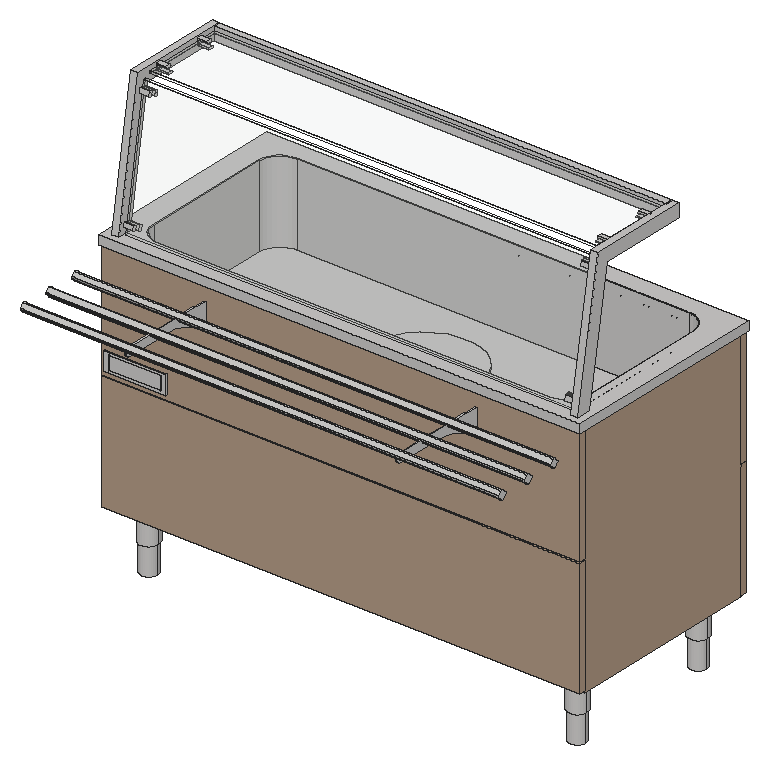
Revit family "QF_ELECTROLUXPROFESSIONAL_322095_F11C4AF01W", category Specialty Equipment, Revit 2018 (continued)
Automatic sketch dimensions
  plane 8 to Extrusion 26 sketch curve = 72.521 mm
  Extrusion 26 sketch curve to plane 3 "BACK" = 1.815 mm
  plane 16 to Extrusion 27 sketch curve = 11 mm
  plane 36 to Extrusion 27 sketch curve = 5.5 mm
  Extrusion 28 sketch curve to plane 16 = 11 mm
  plane 37 to Extrusion 28 sketch curve = 5.5 mm
  Extrusion 29 sketch curve to plane 8 = 0 mm
  Extrusion 29 sketch curve to plane 21 = 0 mm
  Extrusion 29 sketch curve to plane 9 = 7.75 mm
  plane 8 to Extrusion 29 sketch curve = 72.521 mm
  plane 3 "BACK" to Extrusion 29 sketch curve = 1.815 mm
  Extrusion 29 sketch curve to Extrusion 29 sketch curve = 10.739 mm
  curve 101 to plane 7 "LEFT" = 0 mm
  curve 13 to plane 30 = 0 mm
  curve 35 to plane 33 = 0 mm
  curve 6 to plane 34 = 0 mm
  curve 69 to plane 34 = 0 mm
  curve 17 to plane 34 = 0 mm
  curve 91 to plane 34 = 0 mm
  curve 93 to plane 34 = 0 mm
  curve 95 to plane 3 "BACK" = 0 mm
  curve 99 to plane 3 "BACK" = 0 mm
  curve 97 to plane 3 "BACK" = 0 mm
  curve 96 to plane 3 "BACK" = 0 mm
  curve 100 to plane 3 "BACK" = 0 mm
  curve 98 to plane 3 "BACK" = 0 mm
  curve 66 to plane 35 = 0 mm
  curve 5 to plane 35 = 0 mm
  curve 18 to plane 35 = 0 mm
  curve 94 to plane 35 = 0 mm
  curve 92 to plane 35 = 0 mm
  curve 21 to plane 32 = 0 mm
  curve 8 to plane 31 = 0 mm
  curve 3 to plane 3 "BACK" = 0 mm
  curve 3 to plane 6 "RIGHT" = 0 mm
  curve 102 to plane 10 = 0 mm
  curve 4 to plane 4 "FRONT" = 0 mm
  plane 36 to curve 18 = 0 mm
  curve 38 to curve 48 = 1 mm
  curve 69 to curve 69 = 1 mm
  curve 43 to plane 34 = 0 mm
  curve 73 to plane 16 = 5.5 mm
  curve 33 to plane 16 = 5.5 mm
  curve 72 to plane 16 = 3.511 mm
  curve 47 to plane 16 = 3.5 mm
  curve 30 to plane 16 = 3.5 mm
  curve 27 to plane 16 = 3.5 mm
  plane 16 to curve 44 = 2.062 mm
  plane 3 "BACK" to curve 96 = 1.815 mm
  curve 96 to plane 40 = 57.739 mm
  curve 95 to plane 9 = 7.75 mm
  curve 95 to plane 8 = 72.521 mm
  curve 98 to plane 9 = 7.75 mm
  plane 8 to curve 98 = 72.521 mm
  plane 3 "BACK" to curve 97 = 1.815 mm
  plane 41 to curve 97 = 64.739 mm
  curve 63 to plane 17 = 2.062 mm
  plane 17 to curve 25 = 3.5 mm
  plane 17 to curve 22 = 3.5 mm
  plane 17 to curve 55 = 3.5 mm
  plane 17 to curve 86 = 3.511 mm
  curve 85 to curve 84 = 1.989 mm
  curve 54 to curve 54 = 2 mm
  plane 35 to curve 60 = 0 mm
  plane 35 to curve 56 = 1 mm
  curve 94 to curve 83 = 1 mm
  curve 13 to plane 24 = 2.344 mm
  curve 10 to plane 24 = 2.344 mm
  plane 24 to curve 77 = 13.819 mm
  plane 24 to curve 88 = 13.819 mm
  curve 75 to curve 78 = 2.431 mm
  curve 86 to curve 87 = 2.431 mm
  curve 73 to curve 75 = 2.493 mm
  curve 84 to curve 86 = 2.493 mm
  curve 89 to curve 82 = 4.924 mm
  curve 74 to curve 72 = 2.431 mm
  curve 71 to curve 71 = 9.848 mm
  curve 82 to curve 80 = 9.848 mm
  plane 15 to curve 36 = 6.122 mm
  plane 15 to curve 51 = 6.122 mm
  curve 51 to curve 53 = 2.431 mm
  curve 33 to curve 35 = 2.431 mm
  curve 34 to curve 36 = 2.493 mm
  curve 52 to curve 54 = 2.493 mm
  curve 54 to curve 55 = 2.431 mm
  curve 36 to curve 47 = 2.431 mm
  curve 66 to curve 93 = 2.954 mm
  curve 93 to curve 38 = 6.894 mm
  curve 49 to curve 56 = 6.894 mm
  curve 39 to curve 48 = 1.229 mm
  curve 44 to curve 43 = 2.617 mm
  curve 62 to curve 62 = 2.617 mm
  curve 60 to curve 59 = 1.078 mm
  curve 42 to curve 41 = 1.078 mm
  curve 59 to curve 92 = 8.954 mm
  curve 91 to curve 29 = 32.796 mm
  curve 20 to curve 25 = 32.796 mm
  curve 25 to curve 25 = 14 mm
  curve 28 to curve 28 = 14 mm
  plane 1 "Centro (Fronte/Retro)" to curve 32 = 3 mm
  plane 1 "Centro (Fronte/Retro)" to curve 22 = 3 mm
  curve 22 to plane 1 "Centro (Fronte/Retro)" = 11 mm
  curve 31 to plane 1 "Centro (Fronte/Retro)" = 11 mm
  plane 36 to curve 14 = 26.023 mm
  curve 75 to curve 90 = 0.034 mm
  plane 16 to curve 45 = 0.999 mm
  curve 95 to curve 96 = 3.811 mm
  curve 96 to curve 99 = 36.189 mm
  curve 99 to plane 9 = 25.071 mm
  curve 96 to curve 99 = 10 mm
  curve 100 to plane 9 = 25.071 mm
  curve 100 to curve 97 = 10 mm
  curve 100 to curve 97 = 36.189 mm
  curve 97 to curve 98 = 3.811 mm
  curve 63 to plane 17 = 0.999 mm
  curve 81 to curve 80 = 2.431 mm
  curve 70 to curve 69 = 2.431 mm
  curve 80 to curve 79 = 4.924 mm
  curve 69 to curve 68 = 4.924 mm
  curve 16 to curve 51 = 2.23 mm
  plane 15 to curve 15 = 3.892 mm
  curve 40 to curve 39 = 2.431 mm
  curve 58 to curve 56 = 2.431 mm
  plane 36 to curve 11 = 6.023 mm
  curve 112 to curve 113 = 0 mm  (x2)
  plane 1 "Centro (Fronte/Retro)" to curve 112 = 0 mm
  curve 104 to plane 16 = 8 mm
  curve 106 to plane 40 = 19 mm
  curve 111 to plane 40 = 19 mm
  plane 8 to curve 113 = 0.5 mm
  plane 41 to curve 107 = 26 mm
  plane 41 to curve 109 = 26 mm
  plane 17 to curve 108 = 8 mm
  curve 106 to plane 15 = 32 mm
  curve 108 to plane 14 = 29 mm
  curve 112 to plane 8 = 154.5 mm
  curve 114 to curve 115 = 0 mm  (x2)
  curve 116 to curve 117 = 0 mm  (x2)
  curve 118 to curve 119 = 0 mm  (x2)
  curve 120 to curve 121 = 0 mm  (x2)
  curve 122 to curve 123 = 0 mm  (x2)
  curve 124 to curve 125 = 0 mm  (x2)
  curve 126 to curve 127 = 0 mm  (x2)
  curve 128 to curve 129 = 0 mm  (x2)
  curve 130 to curve 131 = 0 mm  (x2)
  curve 132 to curve 133 = 0 mm  (x2)
  curve 134 to curve 135 = 0 mm  (x2)
  curve 136 to curve 137 = 0 mm  (x2)
  curve 138 to curve 139 = 0 mm  (x2)
  curve 140 to curve 141 = 0 mm  (x2)
  curve 142 to curve 143 = 0 mm  (x2)
  curve 144 to curve 145 = 0 mm  (x2)
  curve 146 to curve 147 = 0 mm  (x2)
  curve 148 to curve 149 = 0 mm  (x2)
  curve 150 to curve 151 = 0 mm  (x2)
  curve 152 to curve 153 = 0 mm  (x2)
  curve 154 to curve 155 = 0 mm  (x2)
  curve 156 to curve 157 = 0 mm  (x2)
  curve 158 to curve 159 = 0 mm  (x2)
  curve 160 to curve 161 = 0 mm  (x2)
  curve 162 to curve 163 = 0 mm  (x2)
  curve 164 to curve 165 = 0 mm  (x2)
  curve 166 to curve 167 = 0 mm  (x2)
  curve 168 to curve 169 = 0 mm  (x2)
  curve 170 to curve 171 = 0 mm  (x2)
  curve 172 to curve 173 = 0 mm  (x2)
  curve 174 to curve 175 = 0 mm  (x2)
  curve 176 to curve 177 = 0 mm  (x2)
  curve 178 to curve 179 = 0 mm  (x2)
  curve 180 to curve 181 = 0 mm  (x2)
  curve 182 to curve 183 = 0 mm  (x2)
  curve 184 to curve 185 = 0 mm  (x2)
  curve 186 to curve 187 = 0 mm  (x2)
  curve 188 to curve 189 = 0 mm  (x2)
  curve 190 to curve 191 = 0 mm  (x2)
  curve 192 to curve 193 = 0 mm  (x2)
  curve 194 to curve 195 = 0 mm  (x2)
  curve 196 to curve 197 = 0 mm  (x2)
  curve 198 to curve 199 = 0 mm  (x2)
  curve 200 to curve 201 = 0 mm  (x2)
  curve 202 to curve 203 = 0 mm  (x2)
  curve 204 to curve 205 = 0 mm  (x2)
  curve 206 to curve 207 = 0 mm  (x2)
  curve 208 to curve 209 = 0 mm  (x2)
  curve 210 to curve 211 = 0 mm  (x2)
  curve 212 to curve 213 = 0 mm  (x2)
  curve 214 to curve 215 = 0 mm  (x2)
  curve 216 to curve 217 = 0 mm  (x2)
  curve 218 to curve 219 = 0 mm  (x2)
  curve 220 to curve 221 = 0 mm  (x2)
  curve 222 to curve 223 = 0 mm  (x2)
  curve 224 to curve 225 = 0 mm  (x2)
  curve 226 to curve 227 = 0 mm  (x2)
  curve 228 to curve 229 = 0 mm  (x2)
  curve 230 to curve 231 = 0 mm  (x2)
  curve 232 to curve 233 = 0 mm  (x2)
  curve 234 to curve 235 = 0 mm  (x2)
  curve 236 to curve 237 = 0 mm  (x2)
  curve 238 to curve 239 = 0 mm  (x2)
  curve 240 to curve 241 = 0 mm  (x2)
  curve 242 to curve 243 = 0 mm  (x2)
  curve 244 to curve 245 = 0 mm  (x2)
  curve 246 to curve 247 = 0 mm  (x2)
  curve 248 to curve 249 = 0 mm  (x2)
  curve 250 to curve 251 = 0 mm  (x2)
  plane 1 "Centro (Fronte/Retro)" to curve 223 = 0 mm
  plane 1 "Centro (Fronte/Retro)" to curve 221 = 0 mm
  plane 1 "Centro (Fronte/Retro)" to curve 219 = 0 mm
  plane 1 "Centro (Fronte/Retro)" to curve 114 = 0 mm
  curve 253 to plane 8 = 0 mm
  plane 1 "Centro (Fronte/Retro)" to curve 150 = 0 mm
  plane 1 "Centro (Fronte/Retro)" to curve 152 = 0 mm
  plane 1 "Centro (Fronte/Retro)" to curve 155 = 0 mm
  plane 8 to curve 195 = 7.547 mm
  plane 8 to curve 229 = 7.547 mm
  curve 226 to plane 39 = 1.555 mm
  plane 8 to curve 226 = 10.314 mm
  plane 38 to curve 193 = 1.555 mm
  plane 8 to curve 193 = 10.314 mm
  curve 191 to plane 37 = 3.821 mm
  plane 8 to curve 191 = 14.023 mm
  plane 36 to curve 225 = 3.821 mm
  plane 8 to curve 225 = 14.023 mm
  curve 230 to curve 228 = 6.488 mm
  curve 196 to curve 194 = 6.488 mm
  curve 217 to curve 196 = 4.335 mm
  curve 251 to curve 230 = 4.335 mm
  curve 219 to curve 216 = 1.522 mm
  plane 38 to curve 200 = 4.966 mm
  curve 200 to curve 192 = 9.668 mm
  curve 234 to plane 39 = 4.966 mm
  curve 234 to curve 226 = 9.668 mm
  curve 237 to plane 36 = 0.547 mm
  curve 237 to curve 224 = 13.754 mm
  plane 37 to curve 202 = 0.547 mm
  curve 202 to curve 190 = 13.754 mm
  curve 199 to curve 200 = 8.196 mm
  curve 232 to curve 234 = 8.196 mm
  curve 248 to curve 232 = 8.25 mm
  curve 214 to curve 198 = 8.25 mm
  curve 211 to plane 38 = 4.105 mm
  curve 211 to curve 202 = 10.401 mm
  plane 39 to curve 244 = 4.105 mm
  curve 244 to curve 236 = 10.401 mm
  curve 247 to curve 248 = 3.411 mm
  curve 213 to curve 214 = 3.411 mm
  curve 220 to curve 212 = 0.055 mm
  curve 243 to plane 39 = 3.706 mm
  curve 243 to curve 244 = 9.168 mm
  plane 38 to curve 209 = 3.706 mm
  curve 209 to curve 210 = 9.168 mm
  curve 206 to curve 208 = 7.5 mm
  curve 240 to curve 242 = 7.5 mm
  curve 204 to curve 206 = 4.368 mm
  curve 239 to curve 240 = 4.368 mm
  curve 222 to curve 204 = 0.679 mm
  curve 120 to plane 8 = 0.106 mm
  curve 189 to plane 8 = 0.106 mm
  curve 117 to plane 8 = 0.106 mm
  curve 119 to plane 8 = 0.106 mm
  curve 184 to plane 8 = 0.106 mm
  curve 115 to plane 8 = 0.106 mm
  curve 187 to plane 8 = 0.106 mm
  curve 127 to plane 8 = 7.76 mm
  curve 160 to plane 8 = 7.76 mm
  plane 38 to curve 125 = 1.555 mm
  curve 118 to curve 125 = 10.42 mm
  curve 158 to plane 39 = 1.555 mm
  curve 186 to curve 158 = 10.42 mm
  plane 36 to curve 157 = 3.821 mm
  curve 188 to curve 157 = 14.129 mm
  curve 123 to plane 37 = 3.821 mm
  curve 120 to curve 123 = 14.129 mm
  curve 126 to curve 129 = 6.488 mm
  curve 160 to curve 163 = 6.488 mm
  curve 162 to curve 183 = 4.335 mm
  curve 128 to curve 149 = 4.335 mm
  curve 182 to curve 151 = 1.522 mm
  curve 167 to plane 39 = 4.966 mm
  curve 158 to curve 167 = 9.668 mm
  plane 38 to curve 132 = 4.966 mm
  curve 124 to curve 132 = 9.668 mm
  plane 37 to curve 135 = 0.547 mm
  curve 122 to curve 135 = 13.754 mm
  curve 168 to plane 36 = 0.547 mm
  curve 156 to curve 168 = 13.754 mm
  curve 166 to curve 165 = 8.196 mm
  curve 132 to curve 131 = 8.196 mm
  curve 164 to curve 180 = 8.25 mm
  curve 130 to curve 146 = 8.25 mm
  curve 142 to plane 38 = 4.105 mm
  curve 134 to curve 142 = 10.401 mm
  plane 39 to curve 177 = 4.105 mm
  curve 168 to curve 177 = 10.401 mm
  curve 146 to curve 145 = 3.411 mm
  curve 180 to curve 179 = 3.411 mm
  curve 178 to curve 152 = 0.055 mm
  plane 38 to curve 140 = 3.706 mm
  curve 142 to curve 140 = 9.168 mm
  curve 174 to plane 39 = 3.706 mm
  curve 176 to curve 174 = 9.168 mm
  curve 140 to curve 139 = 7.5 mm
  curve 174 to curve 172 = 7.5 mm
  curve 138 to curve 137 = 4.368 mm
  curve 172 to curve 171 = 4.368 mm
  curve 170 to curve 155 = 0.679 mm
  plane 36 to curve 189 = 4.5 mm
  curve 187 to plane 39 = 1.5 mm
  curve 234 to curve 233 = 8.25 mm
  curve 166 to curve 165 = 8.25 mm
  curve 174 to curve 172 = 9.91 mm
  curve 243 to curve 241 = 9.91 mm
  curve 164 to curve 180 = 8.196 mm
  curve 232 to curve 249 = 8.196 mm
  curve 184 to curve 114 = 20 mm
  curve 184 to curve 161 = 1.522 mm
  curve 185 to curve 229 = 1.522 mm
  curve 228 to curve 231 = 4.335 mm
  curve 160 to curve 162 = 4.335 mm
  curve 240 to curve 238 = 13.754 mm
  curve 172 to curve 171 = 13.754 mm
  curve 180 to curve 179 = 9.668 mm
  curve 249 to curve 246 = 9.668 mm
  curve 162 to curve 182 = 6.488 mm
  curve 230 to curve 250 = 6.488 mm
  plane 1 "Centro (Fronte/Retro)" to curve 216 = 7.654 mm
  plane 1 "Centro (Fronte/Retro)" to curve 148 = 7.654 mm
  plane 1 "Centro (Fronte/Retro)" to curve 212 = 10.42 mm
  plane 1 "Centro (Fronte/Retro)" to curve 145 = 10.42 mm
  plane 1 "Centro (Fronte/Retro)" to curve 204 = 14.129 mm
  plane 1 "Centro (Fronte/Retro)" to curve 136 = 14.129 mm
  curve 148 to curve 129 = 6.488 mm
  curve 216 to curve 197 = 6.488 mm
  curve 128 to curve 127 = 4.335 mm
  curve 196 to curve 194 = 4.335 mm
  curve 195 to curve 117 = 1.522 mm
  curve 144 to curve 146 = 9.668 mm
  curve 213 to curve 214 = 9.668 mm
  curve 139 to curve 140 = 9.91 mm
  curve 206 to curve 208 = 9.91 mm
  curve 146 to curve 131 = 8.196 mm
  curve 215 to curve 199 = 8.196 mm
  plane 38 to curve 118 = 1.5 mm
  curve 121 to plane 37 = 4.5 mm
  plane 8 to curve 188 = 2.894 mm
  plane 8 to curve 117 = 2.894 mm
  plane 8 to curve 119 = 2.894 mm
  plane 8 to curve 120 = 2.894 mm
  plane 8 to curve 185 = 2.894 mm
  plane 8 to curve 115 = 2.894 mm
  plane 8 to curve 186 = 2.894 mm
  curve 194 to curve 117 = 1.654 mm
  curve 229 to curve 185 = 1.654 mm
  curve 226 to curve 226 = 3 mm
  curve 192 to curve 192 = 3 mm
  curve 224 to curve 225 = 3 mm
  curve 190 to curve 190 = 3 mm
  curve 230 to curve 231 = 3 mm
  curve 196 to curve 196 = 3 mm
  curve 216 to curve 216 = 3 mm
  curve 250 to curve 250 = 3 mm
  curve 218 to curve 219 = 3 mm
  curve 234 to curve 234 = 3 mm
  curve 200 to curve 200 = 3 mm
  curve 202 to curve 202 = 3 mm
  curve 236 to curve 237 = 3 mm
  curve 198 to curve 199 = 3 mm
  curve 232 to curve 232 = 3 mm
  curve 248 to curve 249 = 3 mm
  curve 214 to curve 214 = 3 mm
  curve 244 to curve 245 = 3 mm
  curve 210 to curve 210 = 3 mm
  curve 246 to curve 246 = 3 mm
  curve 212 to curve 213 = 3 mm
  curve 220 to curve 220 = 3 mm
  curve 208 to curve 208 = 3 mm
  curve 242 to curve 242 = 3 mm
  curve 240 to curve 241 = 3 mm
  curve 206 to curve 207 = 3 mm
  curve 204 to curve 204 = 3 mm
  curve 238 to curve 239 = 3 mm
  curve 222 to curve 223 = 3 mm
  curve 254 to plane 15 = 32 mm
  curve 254 to plane 28 = 82 mm
  curve 184 to curve 161 = 1.654 mm
  curve 116 to curve 126 = 1.654 mm
  curve 124 to curve 124 = 3 mm
  curve 158 to curve 158 = 3 mm
  curve 123 to curve 122 = 3 mm
  curve 156 to curve 156 = 3 mm
  curve 162 to curve 162 = 3 mm
  curve 129 to curve 128 = 3 mm
  curve 182 to curve 182 = 3 mm
  curve 149 to curve 148 = 3 mm
  curve 150 to curve 150 = 3 mm
  curve 132 to curve 132 = 3 mm
  curve 166 to curve 166 = 3 mm
  curve 134 to curve 134 = 3 mm
  curve 168 to curve 168 = 3 mm
  curve 164 to curve 164 = 3 mm
  curve 131 to curve 130 = 3 mm
  curve 146 to curve 146 = 3 mm
  curve 181 to curve 180 = 3 mm
  curve 176 to curve 176 = 3 mm
  curve 143 to curve 142 = 3 mm
  curve 144 to curve 144 = 3 mm
  curve 179 to curve 178 = 3 mm
  curve 152 to curve 152 = 3 mm
  curve 174 to curve 174 = 3 mm
  curve 140 to curve 140 = 3 mm
  curve 173 to curve 172 = 3 mm
  curve 138 to curve 138 = 3 mm
  curve 170 to curve 170 = 3 mm
  curve 137 to curve 136 = 3 mm
  curve 155 to curve 154 = 3 mm
  curve 252 to plane 15 = 32 mm
  plane 29 to curve 252 = 82 mm
  plane 14 to curve 252 = 32 mm
  plane 14 to curve 254 = 32 mm
  plane 14 to curve 253 = 32 mm
  curve 253 to plane 15 = 32 mm
  radius of Extrusion 27 sketch curve = 10 mm
  radius of Extrusion 28 sketch curve = 10 mm
Nested families
  nested 1: "Foot_Ø50_H150" at (-1146.269, -148.263, 0), type "Foot_Ø50_H150"
  nested 2: "Foot_Ø50_H150" at (117.731, -148.263, 0), type "Foot_Ø50_H150"
  nested 3: "Foot_Ø50_H150" at (117.731, 297.737, 0), type "Foot_Ø50_H150"
  nested 4: "Foot_Ø50_H150" at (-1146.269, 297.737, 0), type "Foot_Ø50_H150"
  nested 5: "Cold Well Static w. Fan1420" at (0, 0, 0), type "Cold Well Static w. Fan1420"
    with Show Clearance yes
  nested 6: "Refrigerator" at (15.731, -45.263, 0), type "Refrigerator"
  nested 7: "Controller_compact" at (-1118.019, -231.263, 572.8) x (-1, 0, 0) z (0, -1, 0), type "Controller_compact"
Connectors
  piping at (-1157.269, 124.737, 166), diameter 20
    settings: on Extrusion 27, index 8, connector inside diameter 609.6 mm, connector length 0 mm, flow factor 0, pipe flow 0.0 L/s, pressure drop 0.0 Pa, fitting loss kfactor 0, connector angle 0.00°, fixture units 0, engagement length 0 mm, angle of deflection 0.00°, flow configuration 1, flow direction 2, fitting loss method 0, system type 16, joint type 0, gender type 0, connector reference index -1, connector utility 0, adjustable connector no, is connector primary yes, connector description ""
  electrical at (-1157.269, 24.737, 166)
    settings: on Extrusion 28, index 10, voltage 0 V, apparent load 0 VA, apparent load phase1 0 VA, apparent load phase2 0 VA, apparent load phase3 0 VA, power factor 1, load classification "Other", number of poles 1, system type 31, power factor state 1, is connector primary yes, connector utility no, sub classification motor no, connector description ""
Definition of nested family "Foot_Ø50_H150"
  Reference planes
    plane 1 "Centro (Fronte/Retro)": y = 0
    plane 2: z = 0
    plane 3 "Centro (Sinistra/Destra)": x = 0
    plane 4: z = 178
  Forms (mm)
    Revolve 1, solid
      sketch origin (255.05, 0, 608.09) x (0, 0, 1) y (-1, 0, 0)
        loop
          line (-608.09, 255.05) -> (-608.09, 230.05) -> (-526.09, 230.05) -> (-526.09, 226.05) -> (-430.09, 226.05) -> (-430.09, 255.05) -> (-608.09, 255.05)
        axis (-608.09, 255.05) -> (-430.09, 255.05)
      angle from 0 to 360
  Dimensions and locks
    Revolve 1 sketch curve to Revolve 1 sketch curve = 96 mm
    aligned and locked: level to plane 2
    aligned and locked: plane 4 to Revolve 1 sketch curve
    aligned and locked: Revolve 1 sketch curve to level
    aligned and locked: plane 3 "Centro (Sinistra/Destra)" to Revolve 1 sketch curve
Definition of nested family "Cold Well Static w. Fan1420"
  Parameters (values of type "Cold Well Static w. Fan1420")
    Show Clearance [instance] = yes
  Reference planes
    plane 1 "Centro (Fronte/Retro)": y = 74.737
    plane 2: z = 0
    plane 3 "BACK": y = 384.737
    plane 4 "FRONT": y = -235.263
    plane 5 "RIGHT": x = 195.731
    plane 6 "LEFT": x = -1224.269
    plane 7: x = -514.269
    plane 8 "TOP": z = 900
    plane 9: y = 352.737
    plane 10: y = -203.263
    plane 11: x = 148.531
    plane 12: x = -1177.069
    plane 13: y = 329.737
    plane 14: y = -180.263
    plane 15: x = -1154.269
    plane 16: x = 125.731
    plane 17: z = 898
    plane 18: z = 656
    plane 19: z = 659
    plane 20: z = 624.1
    plane 21: x = -346.269
    plane 22: y = 188.737
    plane 23: y = -39.263
    plane 24: x = -650.269
    plane 25: z = 263
    plane 26: x = -1099.269
    plane 27: x = -649.269
    plane 28: x = -1087.269
    plane 29: x = -661.269
    plane 30: y = -165.263
    plane 31: y = 314.737
    plane 32 "1": y = 254.737
  Forms (mm)
    Extrusion 1, solid
      sketch origin (0, 0, 900) x (-1, 0, 0) y (0, -1, 0)
        loop
          line (-148.531, -352.737) -> (1177.069, -352.737) -> (1177.069, 203.263) -> (-148.531, 203.263) -> (-148.531, -352.737)
      from -2 to -244
    Extrusion 2, void
      sketch origin (0, 0, 900) x (-1, 0, 0) y (0, -1, 0)
        loop
          line (1154.269, -268.737) -> (1154.269, 119.263)
          arc (1154.269, 119.263) -> (1136.402, 162.396) -> (1093.269, 180.263) r 61
          line (1093.269, 180.263) -> (-64.731, 180.263)
          arc (-64.731, 180.263) -> (-107.865, 162.396) -> (-125.731, 119.263) r 61
          line (-125.731, 119.263) -> (-125.731, -268.737)
          arc (-125.731, -268.737) -> (-107.865, -311.871) -> (-64.731, -329.737) r 61
          line (-64.731, -329.737) -> (1093.269, -329.737)
          arc (1093.269, -329.737) -> (1136.402, -311.871) -> (1154.269, -268.737) r 61
      from 0 to -241
    Extrusion 3, solid
      sketch origin (0, 0, 900) x (-1, 0, 0) y (0, -1, 0)
        loop
          line (650.269, -188.737) -> (650.269, 39.263) -> (346.269, 39.263) -> (346.269, -188.737) -> (650.269, -188.737)
      from -244 to -275.9
    Extrusion 4, solid
      sketch origin (0, 0, 900) x (-1, 0, 0) y (0, -1, 0)
        loop
          circle (513.769, -74.737) r 155
        loop
          circle (514.375, -74.737) r 3
        loop
          circle (534.375, -74.737) r 3
        loop
          circle (554.375, -74.737) r 3
        loop
          circle (574.375, -74.737) r 3
        loop
          circle (514.375, -54.737) r 3
        loop
          circle (514.375, -34.737) r 3
        loop
          circle (514.375, -14.737) r 3
        loop
          circle (528.517, -60.595) r 3
        loop
          circle (542.659, -46.453) r 3
        loop
          circle (552.659, -29.132) r 3
        loop
          circle (522.029, -56.259) r 3
        loop
          circle (532.852, -67.083) r 3
        loop
          circle (524.795, -34.792) r 3
        loop
          circle (528.504, -15.416) r 3
        loop
          circle (534.463, -38.203) r 3
        loop
          circle (542.258, -19.785) r 3
        loop
          circle (554.32, -64.317) r 3
        loop
          circle (573.696, -60.608) r 3
        loop
          circle (550.909, -54.649) r 3
        loop
          circle (569.327, -46.854) r 3
        loop
          circle (561.827, -36.943) r 3
        loop
          circle (528.517, -88.879) r 3
        loop
          circle (542.659, -103.021) r 3
        loop
          circle (552.659, -120.342) r 3
        loop
          circle (522.029, -93.215) r 3
        loop
          circle (532.852, -82.391) r 3
        loop
          circle (524.795, -114.682) r 3
        loop
          circle (528.504, -134.058) r 3
        loop
          circle (534.463, -111.271) r 3
        loop
          circle (542.258, -129.69) r 3
        loop
          circle (554.32, -85.157) r 3
        loop
          circle (573.696, -88.866) r 3
        loop
          circle (550.909, -94.825) r 3
        loop
          circle (569.327, -102.621) r 3
        loop
          circle (561.827, -112.531) r 3
        loop
          circle (514.375, -94.737) r 3
        loop
          circle (514.375, -114.737) r 3
        loop
          circle (514.375, -134.737) r 3
        loop
          circle (494.375, -74.737) r 3
        loop
          circle (474.375, -74.737) r 3
        loop
          circle (454.375, -74.737) r 3
        loop
          circle (500.233, -60.595) r 3
        loop
          circle (486.091, -46.453) r 3
        loop
          circle (476.091, -29.132) r 3
        loop
          circle (506.721, -56.259) r 3
        loop
          circle (495.897, -67.083) r 3
        loop
          circle (503.955, -34.792) r 3
        loop
          circle (500.246, -15.416) r 3
        loop
          circle (494.287, -38.203) r 3
        loop
          circle (486.491, -19.785) r 3
        loop
          circle (474.43, -64.317) r 3
        loop
          circle (455.054, -60.608) r 3
        loop
          circle (477.841, -54.649) r 3
        loop
          circle (459.422, -46.854) r 3
        loop
          circle (466.922, -36.943) r 3
        loop
          circle (500.233, -88.879) r 3
        loop
          circle (486.091, -103.021) r 3
        loop
          circle (476.091, -120.342) r 3
        loop
          circle (506.721, -93.215) r 3
        loop
          circle (495.897, -82.391) r 3
        loop
          circle (503.955, -114.682) r 3
        loop
          circle (500.246, -134.058) r 3
        loop
          circle (494.287, -111.271) r 3
        loop
          circle (486.491, -129.69) r 3
        loop
          circle (474.43, -85.157) r 3
        loop
          circle (455.054, -88.866) r 3
        loop
          circle (477.841, -94.825) r 3
        loop
          circle (459.422, -102.621) r 3
        loop
          circle (466.922, -112.531) r 3
      from -233.523 to -230.523
  Cuts and joins
    Extrusion 2 cuts Extrusion 1
  Lines and regions (mm)
    symbolic lines
      curve 1: line (185.731, 384.737, 900) -> (-1214.269, 384.737, 900)
      curve 2: arc (-1214.269, 384.737, 900) -> (-1221.34, 381.808, 900) -> (-1224.269, 374.737, 900) r 10
      curve 3: line (-1224.269, 374.737, 900) -> (-1224.269, -225.263, 900)
      curve 4: arc (-1224.269, -225.263, 900) -> (-1221.34, -232.334, 900) -> (-1214.269, -235.263, 900) r 10
      curve 5: line (-1214.269, -235.263, 900) -> (185.731, -235.263, 900)
      curve 6: arc (185.731, -235.263, 900) -> (192.802, -232.334, 900) -> (195.731, -225.263, 900) r 10
      curve 7: line (195.731, -225.263, 900) -> (195.731, 374.737, 900)
      curve 8: arc (195.731, 374.737, 900) -> (192.802, 381.808, 900) -> (185.731, 384.737, 900) r 10
  Dimensions and locks
    plane 6 "LEFT" to plane 5 "RIGHT" = 1420 mm
    equal spacing: plane 3 "BACK", plane 1 "Centro (Fronte/Retro)", plane 4 "FRONT"
    plane 3 "BACK" to plane 4 "FRONT" = 620 mm
    equal spacing: plane 6 "LEFT", plane 7, plane 5 "RIGHT"
    locked: plane 8 "TOP" to plane 2 at 900
    locked: plane 6 "LEFT" to plane 12 at 47.2
    locked: plane 11 to plane 5 "RIGHT" at 47.2
    locked: plane 3 "BACK" to plane 9 at 32
    locked: plane 10 to plane 4 "FRONT" at 32
    locked: plane 3 "BACK" to plane 13 at 55
    locked: plane 14 to plane 4 "FRONT" at 55
    locked: plane 6 "LEFT" to plane 15 at 70
    locked: plane 16 to plane 5 "RIGHT" at 70
    locked: plane 8 "TOP" to plane 17 at 2
    plane 8 "TOP" to plane 18 = 244 mm
    locked: plane 19 to plane 18 at 3
    locked: plane 8 "TOP" to plane 20 at 275.9
    plane 21 to plane 11 = 494.8 mm
    locked: plane 9 to plane 22 at 164
    locked: plane 23 to plane 10 at 164
    plane 12 to plane 24 = 526.8 mm
    plane 8 "TOP" to plane 25 = 637 mm
    plane 27 to plane 26 = 450 mm
    locked: plane 28 to plane 26 at 12
    locked: plane 27 to plane 29 at 12
    plane 30 to plane 31 = 480 mm
    equal spacing: plane 30, plane 1 "Centro (Fronte/Retro)", plane 31
    plane 18 to plane 25 = 393 mm
    plane 5 "RIGHT" to plane 27 = 845 mm
    plane 15 to plane 16 = 1280 mm  (x2)
    plane 13 to plane 14 = 510 mm
    plane 8 "TOP" to plane 20 = 275.9 mm
    plane 26 to plane 6 "LEFT" = 125 mm
    cut or joined group of Extrusion 1, Extrusion 2 to cut or joined group of Extrusion 1, Extrusion 2 = 510 mm
    aligned and locked: level to plane 2
    aligned and locked: Extrusion 1 sketch curve to plane 9
    aligned and locked: plane 11 to Extrusion 1 sketch curve
    aligned and locked: Extrusion 1 sketch curve to plane 10
    aligned and locked: Extrusion 1 sketch curve to plane 12
    aligned and locked: Extrusion 1 to plane 18
    aligned and locked: Extrusion 2 to plane 19
    aligned and locked: Extrusion 3 sketch curve to plane 22
    aligned and locked: plane 23 to Extrusion 3 sketch curve
    aligned and locked: Extrusion 3 sketch curve to plane 21
    aligned and locked: Extrusion 3 to plane 20
    aligned and locked: plane 18 to Extrusion 3
    aligned and locked: Extrusion 3 to plane 24
  Automatic sketch dimensions
    Extrusion 2 sketch curve to plane 13 = 61 mm
    Extrusion 2 sketch curve to plane 16 = 61 mm
    plane 14 to Extrusion 2 sketch curve = 61 mm
    plane 15 to Extrusion 2 sketch curve = 61 mm
    plane 1 "Centro (Fronte/Retro)" to Extrusion 4 sketch curve = 0 mm  (x8)
    Extrusion 4 sketch curve to Extrusion 4 sketch curve = 1.522 mm  (x5)
    Extrusion 4 sketch curve to Extrusion 4 sketch curve = 4.335 mm  (x8)
    plane 7 to Extrusion 4 sketch curve = 14.023 mm  (x2)
    plane 7 to Extrusion 4 sketch curve = 10.314 mm  (x2)
    plane 7 to Extrusion 4 sketch curve = 7.547 mm  (x2)
    Extrusion 4 sketch curve to plane 7 = 0.106 mm  (x7)
    Extrusion 4 sketch curve to Extrusion 4 sketch curve = 6.488 mm  (x6)
    Extrusion 4 sketch curve to plane 1 "Centro (Fronte/Retro)" = 7.654 mm  (x2)
    plane 1 "Centro (Fronte/Retro)" to Extrusion 4 sketch curve = 7.654 mm  (x2)
    plane 15 to Extrusion 3 sketch curve = 504 mm
    plane 7 to Extrusion 4 sketch curve = 0.5 mm
    Extrusion 4 sketch curve to plane 7 = 7.76 mm  (x2)
    Extrusion 4 sketch curve to Extrusion 4 sketch curve = 19.394 mm
    Extrusion 4 sketch curve to Extrusion 4 sketch curve = 10.42 mm  (x2)
    Extrusion 4 sketch curve to Extrusion 4 sketch curve = 9.668 mm  (x8)
    Extrusion 4 sketch curve to Extrusion 4 sketch curve = 8.196 mm  (x6)
    Extrusion 4 sketch curve to Extrusion 4 sketch curve = 8.25 mm  (x8)
    Extrusion 4 sketch curve to Extrusion 4 sketch curve = 3.411 mm  (x8)
    Extrusion 4 sketch curve to Extrusion 4 sketch curve = 0.055 mm  (x5)
    Extrusion 4 sketch curve to Extrusion 4 sketch curve = 14.142 mm  (x2)
    plane 1 "Centro (Fronte/Retro)" to Extrusion 4 sketch curve = 10.42 mm  (x2)
    Extrusion 4 sketch curve to Extrusion 4 sketch curve = 20 mm
    Extrusion 4 sketch curve to Extrusion 4 sketch curve = 0.679 mm  (x7)
    Extrusion 4 sketch curve to Extrusion 4 sketch curve = 17.321 mm  (x2)
    Extrusion 4 sketch curve to Extrusion 4 sketch curve = 9.348 mm  (x4)
    Extrusion 4 sketch curve to Extrusion 4 sketch curve = 9.91 mm  (x4)
    Extrusion 4 sketch curve to Extrusion 4 sketch curve = 7.811 mm  (x4)
    Extrusion 4 sketch curve to Extrusion 4 sketch curve = 10.918 mm  (x2)
    Extrusion 4 sketch curve to Extrusion 4 sketch curve = 7.5 mm  (x4)
    Extrusion 4 sketch curve to Extrusion 4 sketch curve = 4.368 mm  (x5)
    Extrusion 4 sketch curve to Extrusion 4 sketch curve = 9.168 mm  (x4)
    Extrusion 4 sketch curve to Extrusion 4 sketch curve = 10.401 mm  (x4)
    Extrusion 4 sketch curve to Extrusion 4 sketch curve = 14.129 mm  (x2)
    Extrusion 4 sketch curve to Extrusion 4 sketch curve = 13.754 mm  (x4)
    Extrusion 4 sketch curve to plane 1 "Centro (Fronte/Retro)" = 14.129 mm  (x2)
    plane 1 "Centro (Fronte/Retro)" to Extrusion 4 sketch curve = 14.129 mm  (x2)
    curve 6 to plane 5 "RIGHT" = 0 mm
    curve 1 to plane 3 "BACK" = 0 mm
    curve 6 to plane 4 "FRONT" = 0 mm
    curve 3 to plane 6 "LEFT" = 0 mm
    curve 1 to plane 5 "RIGHT" = 10 mm
    plane 4 "FRONT" to curve 6 = 10 mm
    curve 2 to curve 2 = 10 mm
    plane 4 "FRONT" to curve 4 = 10 mm
    Extrusion 2 sketch curve to plane 16 = 0 mm
    plane 14 to Extrusion 2 sketch curve = 0 mm
    Extrusion 2 sketch curve to plane 13 = 0 mm
    Extrusion 2 sketch curve to plane 15 = 0 mm
    radius of Extrusion 4 sketch curve = 155 mm
    radius of Extrusion 4 sketch curve = 3 mm  (x69)
Definition of nested family "Controller_compact"
  Parameters
    Default Elevation = 1219.2 mm
  Reference planes
    plane 1 "Center (Front/Back)": y = 0
    plane 2: z = 0
    plane 3 "Center (Left/Right)": x = 0
    plane 4: x = -76
    plane 5: x = 76
    plane 6: y = -21
    plane 7: y = 21
    plane 8: x = -92.25
    plane 9: x = 92.25
    plane 10: y = -27.2
    plane 11: y = 27.2
  Forms (mm)
    Extrusion 1, solid
      sketch origin (0, 0, 0) x (1, 0, 0) y (0, 1, 0)
        loop
          line (-1219.2, 1219.2) -> (-1219.2, -1219.2) -> (1219.2, -1219.2) -> (1219.2, 1219.2) -> (-1219.2, 1219.2)
      from 0 to -304.8
    Extrusion 2, solid
      sketch origin (0, 0, 0) x (1, 0, 0) y (0, 1, 0)
        loop
          line (-76, 21) -> (-76, -21) -> (76, -21) -> (76, 21) -> (-76, 21)
      from 0 to 5
    Extrusion 3, solid
      sketch origin (0, 0, 0) x (1, 0, 0) y (0, 1, 0)
        loop
          line (-92.25, 27.2) -> (-92.25, -27.2) -> (92.25, -27.2) -> (92.25, 27.2) -> (-92.25, 27.2)
        loop
          line (-76, 21) -> (-76, -21) -> (76, -21) -> (76, 21) -> (-76, 21)
      from 0 to 5
  Lines and regions (mm)
    Split face 1
      outline origin (-14, 0, 5) x (1, 0, 0) y (0, 1, 0)
        loop
          line (-36, 10) -> (-36, -10) -> (-16, -10) -> (-16, 10) -> (-36, 10)
    Split face 2
      outline origin (26, 0, 5) x (1, 0, 0) y (0, 1, 0)
        loop
          line (-36, 10) -> (-36, -10) -> (-16, -10) -> (-16, 10) -> (-36, 10)
    Split face 3
      outline origin (98.5, 0, 5) x (1, 0, 0) y (0, 1, 0)
        loop
          line (-68.5, 10) -> (-68.5, -10) -> (-48.5, -10) -> (-48.5, 10) -> (-68.5, 10)
  Dimensions and locks
    equal spacing: plane 4, plane 3 "Center (Left/Right)", plane 5
    equal spacing: plane 7, plane 1 "Center (Front/Back)", plane 6
    plane 7 to plane 6 = 42 mm
    plane 4 to plane 5 = 152 mm
    equal spacing: plane 8, plane 3 "Center (Left/Right)", plane 9
    plane 8 to plane 9 = 184.5 mm
    equal spacing: plane 11, plane 1 "Center (Front/Back)", plane 10
    plane 11 to plane 10 = 54.4 mm
    aligned and locked: plane 2 to Extrusion 1
    aligned and locked: level to Extrusion 1
    aligned and locked: Extrusion 2 sketch curve to plane 7
    aligned and locked: plane 4 to Extrusion 2 sketch curve
    aligned and locked: plane 6 to Extrusion 2 sketch curve
    aligned and locked: Extrusion 2 sketch curve to plane 5
    aligned and locked: Extrusion 3 sketch curve to plane 11
    aligned and locked: plane 8 to Extrusion 3 sketch curve
    aligned and locked: plane 10 to Extrusion 3 sketch curve
    aligned and locked: Extrusion 3 sketch curve to plane 9
    aligned and locked: Extrusion 3 sketch curve to Extrusion 2  (x4)
    aligned and locked: Extrusion 3 to Extrusion 2
  Automatic sketch dimensions
    Extrusion 1 sketch curve to Extrusion 1 sketch curve = 2438.4 mm  (x2)
    Split face 1 sketch curve to Extrusion 2 = 11 mm  (x2)
    Split face 1 sketch curve to Extrusion 2 = 26 mm
    Split face 1 sketch curve to Split face 1 sketch curve = 20 mm
    Split face 2 sketch curve to Extrusion 2 = 11 mm  (x2)
    Split face 2 sketch curve to Extrusion 2 = 66 mm
    Split face 2 sketch curve to Split face 2 sketch curve = 20 mm
    Split face 3 sketch curve to Extrusion 2 = 11 mm  (x2)
    Split face 3 sketch curve to Extrusion 2 = 46 mm
    Split face 3 sketch curve to Split face 3 sketch curve = 20 mm
Definition of nested family "Refrigerator"
  Reference planes
    plane 1 "Center (Front/Back)": y = 0
    plane 2: z = 0
    plane 3 "Center (Left/Right)": x = 0
  Lines and regions (mm)
    detail lines, in view "Ref. Level"
      curve 1: line (0, -60, 0) -> (0, 60, 0)
      curve 2: line (-51.962, 30, 0) -> (51.962, -30, 0)
      curve 3: line (-51.962, -30, 0) -> (51.962, 30, 0)
      curve 4: line (19.116, 56.873, 0) -> (0, 35, 0)
      curve 5: line (0, 35, 0) -> (-19.116, 56.873, 0)
      curve 6: line (-30.311, 17.5, 0) -> (-40, 45.883, 0)
      curve 7: line (-59.736, 11.7, 0) -> (-30.311, 17.5, 0)
      curve 8: line (-30.311, -17.5, 0) -> (-59.736, -11.7, 0)
      curve 9: line (-40, -45.883, 0) -> (-30.311, -17.5, 0)
      curve 10: line (0, -35, 0) -> (-19.116, -56.873, 0)
      curve 11: line (19.116, -56.873, 0) -> (0, -35, 0)
      curve 12: line (30.311, -17.5, 0) -> (39.696, -44.992, 0)
      curve 13: line (58.812, -11.882, 0) -> (30.311, -17.5, 0)
      curve 14: line (30.311, 17.5, 0) -> (58.812, 11.882, 0)
      curve 15: line (39.696, 44.992, 0) -> (30.311, 17.5, 0)
Types (2, lengths in mm): name | URL | Manufacturer | Phase | Model | Description
  (no name) | 0 | 0 | 0 | 0 | 0
  Standard | "http://professional.electrolux.com" | "Electrolux Professional" | 1 | "F11C4AF01W" | "REFRIGERATED WELL, STATIC WITH FAN, 4GN H=900MM OVERSHELF W/LED LIGHTS"
